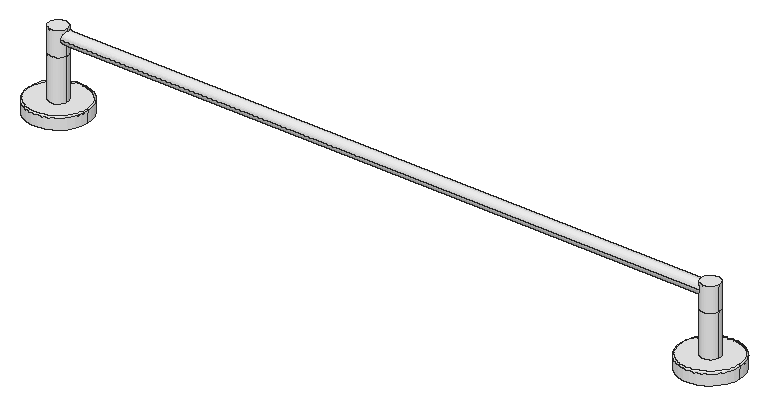
Revit family "Incepa_Acessorios_Thema_Toalheiro Barra 600mm_B8005I4CR0", category Plumbing Fixtures, host Face, Revit 2014
Parameters (values of type "Porta toalha")
  Waste Connection = no
  WFU = 0
  Vent Connection = no
  URL = "http://www.incepa.com.br"
  Type Comments = ""
  Selo de Qualidade ofcdesk = "Standard"
  Model = "B8005I4CR0"
  Metais [instance] = Celite - Cromado
  Manufacturer = "Incepa"
  Keynote = ""
  Incepa: Versão = "Autodesk Revit MEP 2014"
  Incepa: Tipo = "Porta toalhas"
  Incepa: Produto = "Metais"
  Incepa: Norma [instance] = "ABNT NBR 10282: 2003"
  Incepa: Linha = "Thema"
  Incepa: Informações Técnicas = "N/A"
  Incepa: Informações Gerais = "N/A"
  Incepa: Fabricante = "Incepa"
  Incepa: Descrição = "Porta toalha Thema (B8005I4CR0), Acessórios - Metais Incepa"
  Incepa: Código = "B8005I4CR0"
  Incepa: Cores Disponíveis = "Cromado"
  Incepa: Copyright © = "© 2014 Incepa"
  Incepa: Categoria = "Acessórios"
  Incepa: Altura da Peça [instance] = 0 mm
  HWFU = 0
  HW Connection = no
  Desenvolvido por = "ofcdesk"
  Description = "Porta toalha Thema (B8005I4CR0), Acessórios - Metais Incepa"
  Default Elevation = 1400 mm
  Cost = 0
  CWFU = 0
  CW Connection = no
  Assembly Code = "D2010"
Reference planes
  plane 1 "Center (Front/Back)": y = 0
  plane 2: z = 0
  plane 3 "Center (Left/Right)": x = 0
Forms (mm)
  Extrusion 1, solid, material "Celite - Cromado" <- "Metais"
    sketch origin (0, 0, 0) x (1, 0, 0) y (0, 1, 0)
      loop
        circle (-275, 0) r 7.5
      loop
        circle (275, 0) r 7.5
    from 0 to 45
  Extrusion 2, solid, material "Celite - Cromado" <- "Metais"
    sketch origin (0, 0, 0) x (1, 0, 0) y (0, 1, 0)
      loop
        circle (-275, 0) r 7.5
      loop
        circle (275, 0) r 7.5
    from 45 to 65
  Sweep 3, solid, material "Celite - Cromado" <- "Metais"
    path origin (0, 0, 0) x (1, 0, 0) y (0, 1, 0)
      loop
        circle (-275, 0) r 25
    profile origin (-275, 25, 0) x (0, -1, 0) y (0, 0, 1)
      loop
        line (0, 0) -> (17.5, 0) -> (17.5, 10) -> (1, 10)
        arc (1, 10) -> (0.293, 9.707) -> (0, 9) r 1
        line (0, 9) -> (0, 0)
  Sweep 4, solid, material "Celite - Cromado" <- "Metais"
    path origin (0, 0, 0) x (-1, 0, 0) y (0, 1, 0)
      loop
        circle (-275, 0) r 25
    profile origin (275, 25, 0) x (0, 1, 0) y (0, 0, 1)
      loop
        line (0, 0) -> (0, 9)
        arc (0, 9) -> (-0.293, 9.707) -> (-1, 10) r 1
        line (-1, 10) -> (-17.5, 10) -> (-17.5, 0) -> (0, 0)
  Extrusion 5, solid, material "Celite - Cromado" <- "Metais"
    sketch origin (0, 0, 0) x (0, 1, 0) y (0, 0, 1)
      loop
        circle (0, 58.5) r 5
    from -275 to 275
Cuts and joins
  joined: Extrusion 2, Extrusion 5
  joined: Extrusion 1, Sweep 3, Sweep 4
Dimensions and locks
  aligned and locked: plane 2 to host face
  aligned and locked: level to host face
